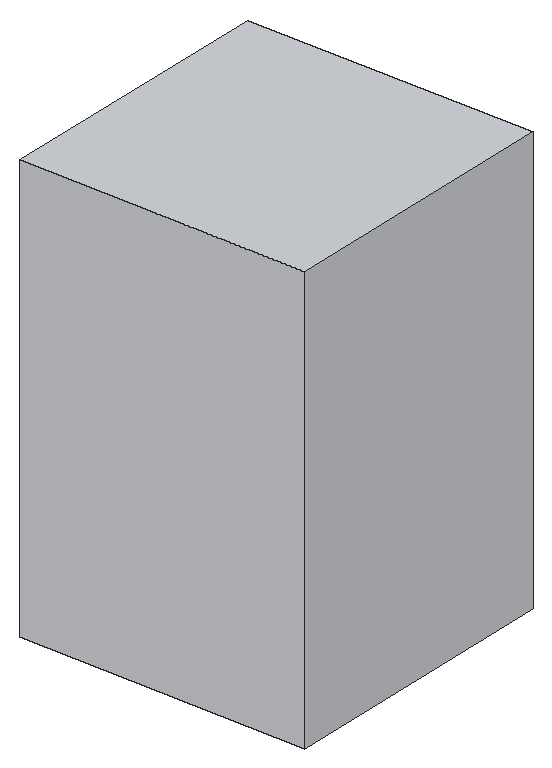
Revit family "F-QEQMT-Scalable Box - Dashed- Dynamo", category Specialty Equipment, Revit 2020
Family settings
  Round Connector Dimension = Use Diameter
  Part Type = Normal
  OmniClass Number = 23.40.70.11.11.11
  OmniClass Title = Laboratory Equipment
  Work Plane-Based = No
  Always vertical = Yes
  Cut with Voids When Loaded = No
  Shared = Yes
  Room Calculation Point = No
Parameters (values of type "000 - PROTOTYPE")
  Width [instance] = 2' - 0"
  Voltage [instance] = "-"
  Vent = "-"
  Validation [instance] = "-"
  VAC [instance] = "-"
  URL = "-"
  Type Comments = "-"
  Sub Department [instance] = ""
  Show Solid Line [instance] = or(CFCI, OFCI, CFOI)  # no
  Show EQ Name [instance] = yes
  Seismic Restrain = "-"
  Revison Number [instance] = ""
  RO [instance] = "-"
  Power Type [instance] = "-"
  Placement Comments [instance] = ""
  Placement [instance] = ""
  P&ID Number [instance] = ""
  Owner Provided UPS [instance] = "-"
  Owner Asset Number [instance] = "-"
  Other Gas [instance] = "-"
  Other Electrical [instance] = "-"
  OFOI [instance] = not(Show Solid Line)  # yes
  OFCI [instance] = no
  O2 [instance] = "-"
  N2 [instance] = "-"
  Model = "-"
  Manufacturer Name [instance] = ""
  Manufacturer = "-"
  Keynote = "-"
  Height [instance] = 3' - 0"
  Heat Rejection = "-"
  HW [instance] = "-"
  HE [instance] = ""
  Group [instance] = ""
  Furnish Number [instance] = ""
  Existing Room Number [instance] = "-"
  Existing Room Name [instance] = "-"
  Equipment Name = "TEST"
  Equipment Model [instance] = ""
  Equipment ID. - Secondary [instance] = 0
  Equipment ID. [instance] = 0
  Electrical Phase [instance] = "-"
  EXHAUST [instance] = "-"
  EQ Weight = "-"
  Dust = "-"
  Drain [instance] = "-"
  Discipline [instance] = "Laboratory"
  Description = "-"
  Depth [instance] = 2' - 0"
  Department [instance] = ""
  Default Elevation = 0' - 0"
  Data [instance] = ""
  DI [instance] = "-"
  Cost = 0
  Connection Type [instance] = "-"
  Commissioned [instance] = "-"
  CW [instance] = "-"
  CFOI [instance] = no
  CFCI [instance] = no
  CDA [instance] = "-"
  Assembly Code = ""
Reference planes (in)
  plane 1 "Center (Front/Back)": y = -2
  plane 2: z = 0
  plane 3 "Center (Left/Right)": x = -1.55825
  plane 4: y = 10
  plane 5 "Show Solid Line front": y = -14
  plane 6 "Show Solid Line side": x = 10.44175
  plane 7: x = -13.55825
  plane 8 "Bottom of Box": z = 0
  plane 9 "Show Solid Line": z = 0.25
Forms (in)
  Extrusion 1, solid, detail levels medium+fine
    sketch origin (0, 0, 0) x (-1, 0, 0) y (0, -1, 0)
      loop
        line (13.55825, -10) -> (13.55825, 14) -> (-10.44175, 14) -> (-10.44175, -10) -> (13.55825, -10)
    from 0 to 36 <- "Height"
Lines and regions (in)
  symbolic lines, style "Lab Equipment", visible <- "Show Solid Line"
    curve 1: line (-13.55825, 10, 0.25) -> (10.44175, 10, 0.25)
    curve 2: line (-13.55825, -14, 0.25) -> (-13.55825, 10, 0.25)
    curve 3: line (10.44175, -14, 0.25) -> (-13.55825, -14, 0.25)
    curve 4: line (10.44175, 10, 0.25) -> (10.44175, -14, 0.25)
    curve 9: line (-13.55825, -14, 36) -> (10.44175, -14, 36)
    curve 10: line (-13.55825, -14, 0) -> (-13.55825, -14, 36)
    curve 11: line (10.44175, -14, 0) -> (-13.55825, -14, 0)
    curve 12: line (10.44175, -14, 36) -> (10.44175, -14, 0)
    curve 13: line (10.44175, -14, 36) -> (10.44175, 10, 36)
    curve 14: line (10.44175, -14, 0) -> (10.44175, -14, 36)
    curve 15: line (10.44175, 10, 0) -> (10.44175, -14, 0)
    curve 16: line (10.44175, 10, 36) -> (10.44175, 10, 0)
  symbolic lines, style "SpecialityEquipmentHiddenLines", visible <- "OFOI"
    curve 5: line (-13.55825, 10, 0) -> (10.44175, 10, 0)
    curve 6: line (-13.55825, -14, 0) -> (-13.55825, 10, 0)
    curve 7: line (10.44175, -14, 0) -> (-13.55825, -14, 0)
    curve 8: line (10.44175, 10, 0) -> (10.44175, -14, 0)
  symbolic lines, style "SpecialityEquipmentHiddenLines"
    curve 17: line (-1.55825, -14, 36) -> (-1.55825, 10, 36)
    curve 18: line (-1.55825, -14, 0) -> (-1.55825, -14, 36)
    curve 19: line (-1.55825, 10, 0) -> (-1.55825, -14, 0)
    curve 20: line (-1.55825, 10, 36) -> (-1.55825, 10, 0)
    curve 21: line (-13.55825, -2, 36) -> (10.44175, -2, 36)
    curve 22: line (-13.55825, -2, 0) -> (-13.55825, -2, 36)
    curve 23: line (10.44175, -2, 0) -> (-13.55825, -2, 0)
    curve 24: line (10.44175, -2, 36) -> (10.44175, -2, 0)
  model lines, style "InvisibleLines"
    curve 25: line (-1.55825, -2, 36) -> (-1.55825, -2, 0)
Dimensions and locks (in)
  "Width": plane 7 to plane 6 "Show Solid Line side"
  equal spacing: plane 7, plane 3 "Center (Left/Right)", plane 6 "Show Solid Line side"
  "Depth": plane 4 to plane 5 "Show Solid Line front"
  equal spacing: plane 4, plane 1 "Center (Front/Back)", plane 5 "Show Solid Line front"
  locked: plane 8 "Bottom of Box" to plane 2
  locked: plane 9 "Show Solid Line" to plane 8 "Bottom of Box" at 0.25
  aligned and locked: curve 5 to plane 4
  aligned and locked: plane 5 "Show Solid Line front" to curve 7
  aligned and locked: curve 8 to plane 6 "Show Solid Line side"
  aligned and locked: plane 5 "Show Solid Line front" to curve 14
  aligned and locked: curve 13 to Extrusion 1
  aligned and locked: curve 16 to plane 4
  aligned and locked: plane 8 "Bottom of Box" to curve 15
  aligned and locked: plane 8 "Bottom of Box" to curve 19
  aligned and locked: curve 20 to plane 4
  aligned and locked: plane 5 "Show Solid Line front" to curve 18
  aligned and locked: curve 17 to Extrusion 1
  aligned and locked: curve 21 to Extrusion 1
  aligned and locked: curve 22 to plane 7
  aligned and locked: curve 24 to plane 6 "Show Solid Line side"
  aligned and locked: curve 25 to plane 3 "Center (Left/Right)"
  aligned and locked: Extrusion 1 to curve 25
  aligned and locked: curve 9 to Extrusion 1
  aligned and locked: plane 8 "Bottom of Box" to curve 23
  aligned and locked: plane 8 "Bottom of Box" to curve 11
  aligned and locked: plane 2 to curve 25
Automatic sketch dimensions
  curve 7 to plane 7 = 0' - 0"
  Extrusion 1 sketch curve to plane 4 = 0' - 0"
  Extrusion 1 sketch curve to plane 6 "Show Solid Line side" = 0' - 0"
  Extrusion 1 sketch curve to plane 5 "Show Solid Line front" = 0' - 0"
  Extrusion 1 sketch curve to plane 7 = 0' - 0"
  curve 1 to plane 4 = 0' - 0"
  curve 1 to plane 6 "Show Solid Line side" = 0' - 0"
  curve 3 to plane 5 "Show Solid Line front" = 0' - 0"
  curve 3 to plane 7 = 0' - 0"
  curve 9 to plane 6 "Show Solid Line side" = 0' - 0"
  plane 7 to curve 11 = 0' - 0"
